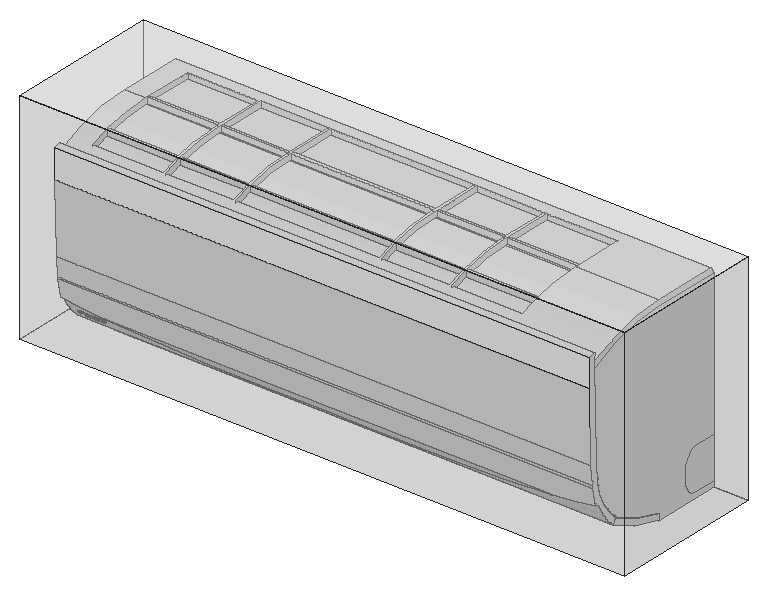
Revit family "outputfile", category 機械設備, Revit 2024
Family settings
  丸型コネクタ寸法 = 半径を使用
  パーツ タイプ = 標準
  OmniClass 番号 = 23.75.10.24.21.27.27
  OmniClass タイトル = Split System Air Conditioning Units
  作業面ベース = いいえ
  常に垂直 = はい
  ロード時にボイドで切り取り = いいえ
  注釈の向きを維持 = いいえ
  共有 = いいえ
  部屋計算ポイント = いいえ
Parameters (values of type "FTKM35QVMA")
  Description = ""
  書き出し IFC クラス(タイプ) = "IfcUnitaryEquipmentType"
  定義済み IFC タイプ(タイプ) = "AIRCONDITIONINGUNIT"
  Cost = 0
  Type Comments = ""
  Keynote = ""
  Type Image = (empty or 0)
  Assembly Code = ""
  w_wall hole = if(Width = 770.0 mm, 48.0 mm, 60.0 mm)  # 48.0 mm
  製造元 = "Daikin"
  モデル = "FTKM35QVMA"
  switch_frequency = yes
  r_Liquid Pipe Size = Liquid Pipe Size / 2  # 3.2 mm
  r_Gas Pipe Size = Gas Pipe Size / 2  # 4.75 mm
  r_Drain Pipe Size = Drain Pipe Size / 2  # 8.0 mm
  lw_powersupply [instance] = if(Width = 770.0 mm, if(or(Rear Right Connection_refrigerant, Bottom Right Connection_refrigerant), 25.0 mm, if(or(Rear Left Connection_refrigerant, Bottom Left Connection_refrigerant), 745.0 mm, 400.0 mm)), if(Width = 990.0 mm, if(or(Rear Right Connection_refrigerant, Bottom Right Connection_refrigerant), 40.0 mm, if(or(Rear Left Connection_refrigerant, Bottom Left Connection_refrigerant), 920.0 mm, 400.0 mm)), if(or(Rear Right Connection_refrigerant, Bottom Right Connection_refrigerant), 40.0 mm, if(or(Rear Left Connection_refrigerant, Bottom Left Connection_refrigerant), 920.0 mm, 400.0 mm))))  # 400.0 mm
  lw_liquidpipe [instance] = if(Width = 770.0 mm, if(or(Rear Right Connection_refrigerant, Bottom Right Connection_refrigerant), 0.0 mm, if(or(Rear Left Connection_refrigerant, Bottom Left Connection_refrigerant), 664.0 mm, 385.0 mm)), if(Width = 900.0 mm, if(or(Rear Right Connection_refrigerant, Bottom Right Connection_refrigerant), 0.0 mm, if(or(Rear Left Connection_refrigerant, Bottom Left Connection_refrigerant), 664.0 mm + (990.0 mm - 770.0 mm), 475.0 mm)), if(or(Rear Right Connection_refrigerant, Bottom Right Connection_refrigerant), 0.0 mm, if(or(Rear Left Connection_refrigerant, Bottom Left Connection_refrigerant), 664.0 mm + (990.0 mm - 770.0 mm), 475.0 mm))))  # 385.0 mm
  lw_gaspipe [instance] = if(Width = 770.0 mm, if(or(Rear Right Connection_refrigerant, Bottom Right Connection_refrigerant), 0.0 mm, if(or(Rear Left Connection_refrigerant, Bottom Left Connection_refrigerant), 675.0 mm, if(Gas Pipe Size = 12.7 mm, 345.0 mm, 335.0 mm))), if(Width = 990.0 mm, if(or(Rear Right Connection_refrigerant, Bottom Right Connection_refrigerant), 10.0 mm, if(or(Rear Left Connection_refrigerant, Bottom Left Connection_refrigerant), 890.0 mm, if(Gas Pipe Size = 15.9 mm, 410.0 mm, 400.0 mm))), if(or(Rear Right Connection_refrigerant, Bottom Right Connection_refrigerant), 10.0 mm, if(or(Rear Left Connection_refrigerant, Bottom Left Connection_refrigerant), 890.0 mm, if(Gas Pipe Size = 15.9 mm, 410.0 mm, 400.0 mm)))))  # 335.0 mm
  lw_drainpipe [instance] = if(Width = 770.0 mm, if(or(Rear Right Connection_refrigerant, Bottom Right Connection_refrigerant), 0.0 mm, if(or(Rear Left Connection_refrigerant, Bottom Left Connection_refrigerant), 770.0 mm - 48.0 mm - 48.0 mm, 440.0 mm)), if(Width = 990.0 mm, if(or(Rear Right Connection_refrigerant, Bottom Right Connection_refrigerant), 0.0 mm, if(or(Rear Left Connection_refrigerant, Bottom Left Connection_refrigerant), 675.0 mm + (990.0 mm - 770.0 mm), 435.0 mm)), if(or(Rear Right Connection_refrigerant, Bottom Right Connection_refrigerant), 0.0 mm, if(or(Rear Left Connection_refrigerant, Bottom Left Connection_refrigerant), 675.0 mm + (990.0 mm - 770.0 mm), 435.0 mm))))  # 440.0 mm
  l_powersupply_length [instance] = if(Width = 770.0 mm, if(Right Connection_refrigerant, 400.0 mm, if(Left Connection_refrigerant, 770.0 mm - 400.0 mm, if(or(Rear Left Connection_refrigerant, Rear Right Connection_refrigerant), 15.0 mm, 50.0 mm))), if(Width = 990.0 mm, if(Right Connection_refrigerant, 400.0 mm, if(Left Connection_refrigerant, 990.0 mm - 400.0 mm, if(or(Rear Left Connection_refrigerant, Rear Right Connection_refrigerant), 15.0 mm, 50.0 mm))), if(Right Connection_refrigerant, 400.0 mm, if(Left Connection_refrigerant, 990.0 mm - 400.0 mm, if(or(Rear Left Connection_refrigerant, Rear Right Connection_refrigerant), 15.0 mm, 50.0 mm)))))  # 400.0 mm
  l_liquidpipe_length [instance] = if(Width = 770.0 mm, if(Right Connection_refrigerant, 433.0 mm, if(Left Connection_refrigerant, 337.0 mm, if(or(Rear Left Connection_refrigerant, Rear Right Connection_refrigerant), 30.0 mm, 40.0 mm))), if(Width = 990.0 mm, if(Right Connection_refrigerant, 535.0 mm, if(Left Connection_refrigerant, 455.0 mm, if(or(Rear Left Connection_refrigerant, Rear Right Connection_refrigerant), 30.0 mm, 40.0 mm))), if(Right Connection_refrigerant, 535.0 mm, if(Left Connection_refrigerant, 455.0 mm, if(or(Rear Left Connection_refrigerant, Rear Right Connection_refrigerant), 30.0 mm, 40.0 mm)))))  # 433.0 mm
  l_gaspipe_length [instance] = if(Width = 770.0 mm, if(Right Connection_refrigerant, if(Gas Pipe Size = 12.7 mm, 393.0 mm, 383.0 mm), if(Left Connection_refrigerant, if(Gas Pipe Size = 12.7 mm, 770.0 mm - 393.0 mm, 770.0 mm - 383.0 mm), if(or(Rear Left Connection_refrigerant, Rear Right Connection_refrigerant), 40.0 mm, 50.0 mm))), if(Width = 990.0 mm, if(Right Connection_refrigerant, if(Gas Pipe Size = 15.9 mm, 470.0 mm, 460.0 mm), if(Left Connection_refrigerant, if(Gas Pipe Size = 15.9 mm, 990.0 mm - 470.0 mm, 990.0 mm - 460.0 mm), if(or(Rear Left Connection_refrigerant, Rear Right Connection_refrigerant), 40.0 mm, 50.0 mm))), if(Right Connection_refrigerant, if(Gas Pipe Size = 15.9 mm, 470.0 mm, 460.0 mm), if(Left Connection_refrigerant, if(Gas Pipe Size = 15.9 mm, 990.0 mm - 470.0 mm, 990.0 mm - 460.0 mm), if(or(Rear Left Connection_refrigerant, Rear Right Connection_refrigerant), 40.0 mm, 50.0 mm)))))  # 383.0 mm
  l_drainpipe_length [instance] = if(Width = 770.0 mm, if(Right Connection_refrigerant, 488.0 mm, if(Left Connection_refrigerant, 282.0 mm, if(or(Rear Left Connection_refrigerant, Rear Right Connection_refrigerant), 15.0 mm, 20.0 mm))), if(Width = 990.0 mm, if(Right Connection_refrigerant, 495.0 mm, if(Left Connection_refrigerant, 495.0 mm, if(or(Rear Left Connection_refrigerant, Rear Right Connection_refrigerant), 15.0 mm, 20.0 mm))), if(Right Connection_refrigerant, 495.0 mm, if(Left Connection_refrigerant, 495.0 mm, if(or(Rear Left Connection_refrigerant, Rear Right Connection_refrigerant), 15.0 mm, 20.0 mm)))))  # 488.0 mm
  h*** = 0.0 mm  # constant formula
  connector_voltage = Voltage_50Hz  # 230 V
  connector_powerinput = [Power Input (Cooling)]  # 0.000 kW
  connector_phase = Phase_50Hz  # 1
  angle_vertical [instance] = if(or(Bottom Left Connection_refrigerant, Bottom Right Connection_refrigerant), 0.00°, 90.00°)  # 90.00°
  angle_horizontal [instance] = if(Right Connection_refrigerant, 90.00°, if(Left Connection_refrigerant, -90.00°, if(or(Rear Left Connection_refrigerant, Rear Right Connection_refrigerant), 180.00°, 0.00°)))  # 90.00°
  Width = 770.0 mm
  Voltage_comment_50Hz = "220 - 240"
  Voltage_50Hz = 230 V
  Version = "ver.1.0"
  Unit Type = "Wall Mounted"
  Unit Mass Weight = 9.00 kg
  Unit Designation [instance] = ""
  Uniclass2015Version = "Products v1.30"
  Uniclass2015Title = "Split coil room air conditioning units"
  Uniclass2015Code = "Pr_70_65_03_86"
  URL = ""
  Total Cooling Capacity [instance] = 0.000 kW
  Sound Pressure Level_M speed (dBA) = 34
  Sound Pressure Level_L speed (dBA) = 26
  Sound Pressure Level_H speed (dBA) = 42
  Sound Power Level_H speed (dB) = 0
  Series = "Single Split_Fan Coil Unit"
  Sensible Cooling Capacity [instance] = 0.000 kW
  Refrigerant Type = "R32"
  Power Input (Cooling) = 0.000 kW
  Phase_50Hz = 1
  Option Accessory 3 [instance] = ""
  Option Accessory 2 [instance] = ""
  Option Accessory 1 [instance] = ""
  Nominal Cooling Capacity = 3.500 kW
  Minimum Circuit Amps_50Hz = 0.0 A
  Minimum Airflow = 324.00 m³/h
  Median Airflow = 456.00 m³/h
  Maximum Fuse Amps_50Hz = 0.0 A
  Maximum Airflow = 630.00 m³/h
  Material_Casing = DAIKIN_PureWhite_Casing_indoorunit
  Load Classification = HVAC
  Liquid Pipe Size = 6.4 mm
  Link_Nested Family [instance] = ""
  IfcVersion = ""
  IfcExportType = "AIRCONDITIONINGUNIT"
  IfcExportAs = "IfcUnitaryEquipmentType"
  Height = 285.0 mm
  Heat Exchanger Type = "Cross Fin Coil"
  Gas Pipe Size = 9.5 mm
  Frequency_50Hz = 50 Hz
  Fan Type = "Cross Flow Fan"
  Fan Drive = "Direct Drive"
  FCU Tag No. [instance] = ""
  Drain Pipe Size = 16.0 mm
  Design Supply Airflow [instance] = 0.00 m³/h
  Depth = 223.0 mm
  既定の高さ = 0.0 mm
  Cooling Entering Wet Bulb Temperature [instance] = 0.00 °C
  Cooling Entering Dry Bulb Temperature [instance] = 0.00 °C
  Cooling Ambient Wet Bulb Temperature [instance] = 0.00 °C
  Cooling Ambient Dry Bulb Temperature [instance] = 0.00 °C
  Clearance visibility [instance] = yes
  Clearance Top = 30.0 mm
  Clearance Right = 50.0 mm
  Clearance Rear = 0.0 mm
  Clearance Left = 50.0 mm
  Clearance Front = 0.0 mm
  Clearance Bottom = 0.0 mm
  Bottom Right Connection_refrigerant [instance] = no
  Bottom Left Connection_refrigerant [instance] = no
  Rear Right Connection_refrigerant [instance] = no
  Rear Left Connection_refrigerant [instance] = no
  Right Connection_refrigerant [instance] = yes
  Left Connection_refrigerant [instance] = no
Reference planes
  plane 1 "Back": y = 0
  plane 2: z = 0
  plane 3 "Center (Left/Right)": x = 0
  plane 4 "Center (Front/Back)": y = -111.5
  plane 5 "Front": y = -223
  plane 6 "Left": x = -385
  plane 7 "Right": x = 385
  plane 8 "Top": z = 0
  plane 9 "Bottom": z = -285
  plane 10: x = -435
  plane 11: x = 435
  plane 12: y = 0
  plane 13: y = -223
  plane 14: z = 30
  plane 15: z = -285
  plane 16 "lw_Piping and Wiring intake": x = 337
  plane 17 "lw_gaspipe": x = 2
  plane 18 "lw_liquidpipe": x = -48
  plane 19 "lw_drainpipe": x = -103
  plane 20 "lh_drainpipe": z = -265
  plane 21 "lh_liquidpipe": z = -245
  plane 22 "lh_gaspipe": z = -235
  plane 23 "ld_drainpipe": y = -15
  plane 24 "ld_liquidpipe": y = -30
  plane 25 "ld_gaspipe": y = -40
  plane 26 "lw_powersupply": x = -15
Dimensions and locks
  equal spacing: plane 6 "Left", plane 3 "Center (Left/Right)", plane 7 "Right"
  "Width": plane 6 "Left" to plane 7 "Right"
  equal spacing: plane 5 "Front", plane 4 "Center (Front/Back)", plane 1 "Back"
  "Depth": plane 5 "Front" to plane 1 "Back"
  "Height": plane 8 "Top" to plane 9 "Bottom"
  "Clearance Rear": plane 12 to plane 1 "Back"
  "Clearance Front": plane 13 to plane 5 "Front"
  "Clearance Top": plane 14 to plane 8 "Top"
  "Clearance Bottom": plane 9 "Bottom" to plane 15
  "w_wall hole": plane 16 "lw_Piping and Wiring intake" to plane 7 "Right"
  "lw_gaspipe": plane 17 "lw_gaspipe" to plane 16 "lw_Piping and Wiring intake"
  "lw_liquidpipe": plane 18 "lw_liquidpipe" to plane 16 "lw_Piping and Wiring intake"
  "lw_drainpipe": plane 19 "lw_drainpipe" to plane 16 "lw_Piping and Wiring intake"
  locked: plane 20 "lh_drainpipe" to plane 9 "Bottom" at 20
  locked: plane 21 "lh_liquidpipe" to plane 9 "Bottom" at 40
  locked: plane 22 "lh_gaspipe" to plane 9 "Bottom" at 50
  locked: plane 23 "ld_drainpipe" to plane 1 "Back" at 15
  locked: plane 1 "Back" to plane 24 "ld_liquidpipe" at 30
  locked: plane 1 "Back" to plane 25 "ld_gaspipe" at 40
  "lw_powersupply": plane 26 "lw_powersupply" to plane 7 "Right"
  "Clearance Right": plane 7 "Right" to plane 11
  "Clearance Left": plane 10 to plane 6 "Left"
  aligned and locked: level to plane 2
  aligned and locked: plane 12 to nested 1
  aligned and locked: nested 1 to plane 13
  aligned and locked: plane 10 to nested 1
  aligned and locked: plane 11 to nested 1
  aligned and locked: plane 15 to nested 1
  aligned and locked: plane 14 to nested 1
  aligned and locked: plane 17 "lw_gaspipe" to nested 2
  aligned and locked: nested 2 to plane 25 "ld_gaspipe"
  aligned and locked: plane 18 "lw_liquidpipe" to nested 3
  aligned and locked: nested 3 to plane 24 "ld_liquidpipe"
  aligned and locked: plane 19 "lw_drainpipe" to nested 4
  aligned and locked: nested 4 to plane 23 "ld_drainpipe"
  aligned and locked: nested 5 to plane 23 "ld_drainpipe"
  aligned and locked: plane 26 "lw_powersupply" to nested 5
  aligned and locked: level to plane 8 "Top"
  aligned and locked: plane 3 "Center (Left/Right)" to nested 6
  aligned and locked: plane 1 "Back" to nested 6
  aligned and locked: plane 8 "Top" to nested 6
Nested families
  nested 1: "daikin_clearancespace" at (0, -111.5, -127.381), show <- "Clearance visibility", visible <- "Clearance visibility", Link_Nested Family <- "Link_Nested Family", type "daikin_clearancespace"
    with width 870.0 mm, show yes, height 315.0 mm, depth 223.0 mm, Link_Nested Family ""
  nested 2: "daikin_connector_rotate3" at (2, -40, -235), angle_vertical <- "angle_vertical", angle_horizontal <- "angle_horizontal", length <- "l_gaspipe_length", radius <- "r_Gas Pipe Size", type "daikin_connector_rotate3"
    with show no, radius 4.75 mm, length 383.0 mm, angle_vertical 90.00°, angle_horizontal 90.00°
  nested 3: "daikin_connector_rotate3" at (-48, -30, -245), angle_vertical <- "angle_vertical", angle_horizontal <- "angle_horizontal", radius <- "r_Liquid Pipe Size", length <- "l_liquidpipe_length", type "daikin_connector_rotate3"
    with show no, radius 3.2 mm, length 433.0 mm, angle_vertical 90.00°, angle_horizontal 90.00°
  nested 4: "daikin_connector_rotate3" at (-103, -15, -265), angle_vertical <- "angle_vertical", angle_horizontal <- "angle_horizontal", length <- "l_drainpipe_length", radius <- "r_Drain Pipe Size", type "daikin_connector_rotate3"
    with show no, radius 8.0 mm, length 488.0 mm, angle_vertical 90.00°, angle_horizontal 90.00°
  nested 5: "daikin_connector_rotate3" at (-15, -15, -235), angle_vertical <- "angle_vertical", angle_horizontal <- "angle_horizontal", length <- "l_powersupply_length", type "daikin_connector_rotate3"
    with show no, radius 10.0 mm, length 400.0 mm, angle_vertical 90.00°, angle_horizontal 90.00°
  nested 6: "DAIKIN_indoorunit_FTKM-QVMA" at (-31, 0, 0), type "FTKM-QVMA"
Connectors
  piping at (385, -40, -235), diameter 9.5, driven by "r_Gas Pipe Size"
    settings: on nested 2, index 1, connector inside diameter 609.6 mm, connector length 0.0 mm, flow factor 0, pipe flow 0.00 m³/h, pressure drop 0.0 Pa, fitting loss kfactor 0, connector angle 0.00°, fixture units 0, engagement length 0.0 mm, angle of deflection 0.00°, flow configuration 1, flow direction 2, fitting loss method 0, system type 29, joint type 0, gender type 0, connector reference index -1, connector utility 0, adjustable connector no, is connector primary yes, connector description "Refrigerant Gas Piping"
  piping at (385, -30, -245), diameter 6.4, driven by "r_Liquid Pipe Size"
    settings: on nested 3, index 2, connector inside diameter 609.6 mm, connector length 0.0 mm, flow factor 0, pipe flow 0.00 m³/h, pressure drop 0.0 Pa, fitting loss kfactor 0, connector angle 0.00°, fixture units 0, engagement length 0.0 mm, angle of deflection 0.00°, flow configuration 1, flow direction 1, fitting loss method 0, system type 29, joint type 0, gender type 0, connector reference index -1, connector utility 0, adjustable connector no, is connector primary no, connector description "Refrigerant Liquid Piping"
  piping at (385, -15, -265), diameter 16, driven by "r_Drain Pipe Size"
    settings: on nested 4, index 3, connector inside diameter 609.6 mm, connector length 0.0 mm, flow factor 0, pipe flow 0.00 m³/h, pressure drop 0.0 Pa, fitting loss kfactor 0, connector angle 0.00°, fixture units 0, engagement length 0.0 mm, angle of deflection 0.00°, flow configuration 1, flow direction 2, fitting loss method 4, system type 16, joint type 0, gender type 0, connector reference index -1, connector utility 0, adjustable connector no, is connector primary no, connector description "Condensate Drain Piping"
  electrical at (385, -15, -235), driven by "Load Classification", driven by "connector_powerinput", driven by "connector_voltage", driven by "connector_phase"
    settings: on nested 5, index 4, voltage 230 V, apparent load 0 VA, apparent load phase1 0 VA, apparent load phase2 0 VA, apparent load phase3 0 VA, power factor 1, load classification "HVAC", number of poles 1, system type 30, power factor state 1, is connector primary yes, connector utility no, sub classification motor no, connector description "Power Supply"
Definition of nested family "daikin_clearancespace"
  Parameters (values of type "daikin_clearancespace")
    Description = "daikin_clearancespace"
    width [instance] = 1823.963 mm
    show [instance] = yes
    material = none
    height [instance] = 1359.762 mm
    depth [instance] = 880.0 mm
    Default Elevation = 0.0 mm
    Link_Nested Family [instance] = ""
  Reference planes
    plane 1 "Center (Front/Back)": y = 0
    plane 2 "Center (Elevation)": z = -0.119
    plane 3 "Center (Left/Right)": x = 0
    plane 4: y = 440
    plane 5: y = -440
    plane 6 "Right": x = 911.982
    plane 7 "Left": x = -911.982
    plane 8 "Top": z = 679.762
    plane 9 "Bottom": z = -680
  Forms (mm)
    Extrusion 1, solid, material <- "material", visible <- "show"
      sketch origin (0, 0, 0) x (1, 0, 0) y (0, 1, 0)
        loop
          line (-911.982, 440) -> (-911.982, -440) -> (911.982, -440) -> (911.982, 440) -> (-911.982, 440)
      from -680 to 679.762
  Lines and regions (mm)
    symbolic lines, visible <- "show"
      curve 1: line (911.982, 440, 0) -> (-911.982, 440, 0)
      curve 2: line (-911.982, 440, 0) -> (-911.982, -440, 0)
      curve 3: line (-911.982, -440, 0) -> (911.982, -440, 0)
      curve 4: line (911.982, -440, 0) -> (911.982, 440, 0)
      curve 5: line (911.982, 0, 679.762) -> (-911.982, 0, 679.762)
      curve 6: line (911.982, 0, -680) -> (911.982, 0, 679.762)
      curve 7: line (-911.982, 0, -680) -> (911.982, 0, -680)
      curve 8: line (-911.982, 0, 679.762) -> (-911.982, 0, -680)
      curve 9: line (0, 440, 679.762) -> (0, -440, 679.762)
      curve 10: line (0, -440, 679.762) -> (0, -440, -680)
      curve 11: line (0, 440, -680) -> (0, 440, 679.762)
      curve 12: line (0, -440, -680) -> (0, 440, -680)
  Dimensions and locks
    "width": plane 7 "Left" to plane 6 "Right"
    "depth": plane 4 to plane 5
    "height": plane 8 "Top" to plane 9 "Bottom"
    equal spacing: plane 7 "Left", plane 3 "Center (Left/Right)", plane 6 "Right"
    equal spacing: plane 4, plane 1 "Center (Front/Back)", plane 5
    equal spacing: plane 8 "Top", plane 2 "Center (Elevation)", plane 9 "Bottom"
    aligned and locked: level to plane 2 "Center (Elevation)"
    aligned and locked: Extrusion 1 sketch curve to plane 4
    aligned and locked: plane 7 "Left" to Extrusion 1 sketch curve
    aligned and locked: Extrusion 1 sketch curve to plane 5
    aligned and locked: Extrusion 1 sketch curve to plane 6 "Right"
    aligned and locked: plane 8 "Top" to Extrusion 1
    aligned and locked: curve 1 to Extrusion 1
    aligned and locked: curve 2 to Extrusion 1
    aligned and locked: curve 3 to Extrusion 1
    aligned and locked: curve 4 to Extrusion 1
    aligned and locked: curve 5 to Extrusion 1
    aligned and locked: curve 6 to Extrusion 1
    aligned and locked: curve 7 to Extrusion 1
    aligned and locked: curve 8 to Extrusion 1
    aligned and locked: curve 9 to Extrusion 1
    aligned and locked: curve 10 to Extrusion 1
    aligned and locked: curve 11 to Extrusion 1
    aligned and locked: curve 12 to Extrusion 1
    aligned and locked: Extrusion 1 to plane 9 "Bottom"
Definition of nested family "DAIKIN_indoorunit_FTKM-QVMA"
  Parameters (values of type "FTKM-QVMA")
    switch_unit1_50-71 = Width = 990.0 mm  # no
    switch_unit1_20-46 = Width = 770.0 mm  # yes
    Width = 770.0 mm
    WALL HOLE-R = if(Width = 770.0 mm, 48.0 mm, 60.0 mm)  # 48.0 mm
    WALL HOLE Size = if(Width = 770.0 mm, 65.0 mm, 80.0 mm)  # 65.0 mm
    Material_Casing = none
    Height = if(Width = 770.0 mm, 285.0 mm, 295.0 mm)  # 285.0 mm
    Default Elevation = 0.0 mm
  Reference planes
    plane 1 "Center (Front/Back)": y = 0
    plane 2 "reference_level": z = 0
    plane 3 "Center (Left/Right)": x = 31
    plane 4: x = -354
    plane 5: x = 416
    plane 6: z = -285
  Forms (mm)
    Extrusion 1, solid, material <- "Material_Casing", visible <- "switch_unit1_20-46"
      sketch origin (29, 0, 0) x (0, 1, 0) y (0, 0, 1)
        loop
          line (-5, 0) -> (-98, 0)
          arc (-98, 0) -> (-157.611, -7.211) -> (-213.783, -28.427) r 250
          arc (-213.783, -28.427) -> (-213.842, -32.972) -> (-213.892, -37.516) r 2191
          arc (-213.892, -37.516) -> (-157.832, -15.495) -> (-98.07, -8) r 242
          line (-98.07, -8) -> (0, -8) -> (-5, 0)
      from -383 to 387
    Extrusion 2, solid, material <- "Material_Casing", visible <- "switch_unit1_20-46"
      sketch origin (416, 1296.25, 1200) x (0, 1, 0) y (0, 0, 1)
        loop
          line (-1472.998, -1446.91) -> (-1476.998, -1453.839)
          arc (-1476.998, -1453.839) -> (-1437.481, -1472.422) -> (-1395.25, -1483.538) r 240
          line (-1395.25, -1483.538) -> (-1395.25, -1475.422)
          arc (-1395.25, -1475.422) -> (-1435.407, -1464.663) -> (-1472.998, -1446.91) r 232
      from 0 to -47.5
    Extrusion 3, solid, material <- "Material_Casing", visible <- "switch_unit1_20-46"
      sketch origin (29, 0, 0) x (0, 1, 0) y (0, 0, 1)
        loop
          arc (-223, -60.455) -> (-222.414, -110.646) -> (-220.656, -160.81) r 2149.92
          arc (-220.656, -160.81) -> (-219.65, -174.299) -> (-217.853, -187.706) r 229.911
          arc (-217.853, -187.706) -> (-205.371, -223.594) -> (-181.517, -253.17) r 111
          line (-181.517, -253.17) -> (-177.429, -246.093)
          arc (-177.429, -246.093) -> (-198.77, -218.989) -> (-209.965, -186.36) r 103
          arc (-209.965, -186.36) -> (-211.681, -173.586) -> (-212.651, -160.735) r 221.844
          arc (-212.651, -160.735) -> (-214.739, -93.233) -> (-214.74, -25.699) r 2186.828
          arc (-214.74, -25.699) -> (-214.671, -21.467) -> (-214.594, -17.235) r 2192
          line (-214.594, -17.235) -> (-223, -19.961) -> (-223, -60.455)
      from -383 to 387
    Extrusion 4, solid, material <- "Material_Casing", visible <- "switch_unit1_20-46"
      sketch origin (29, 0, 0) x (0, 1, 0) y (0, 0, 1)
        loop
          line (-181.517, -253.17) -> (-179.597, -249.846)
          arc (-179.597, -249.846) -> (-202.009, -221.399) -> (-213.189, -186.952) r 103
          line (-213.189, -186.952) -> (-217.853, -187.706)
          arc (-217.853, -187.706) -> (-217.533, -189.556) -> (-217.182, -191.4) r 111
          arc (-217.182, -191.4) -> (-213.806, -208.181) -> (-210.362, -224.948) r 4257.809
          arc (-210.362, -224.948) -> (-198.886, -237.857) -> (-186.225, -249.607) r 180
          line (-186.225, -249.607) -> (-181.517, -253.17)
      from -383 to 387
    Extrusion 5, solid, material <- "Material_Casing", visible <- "switch_unit1_20-46"
      sketch origin (29, 0, -20) x (0, 1, 0) y (0, 0, 1)
        loop
          line (0, -265) -> (0, 12) -> (-98.07, 12)
          arc (-98.07, 12) -> (-157.832, 4.505) -> (-213.892, -17.516) r 242
          arc (-213.892, -17.516) -> (-213.638, -79.114) -> (-211.653, -140.681) r 2191
          arc (-211.653, -140.681) -> (-210.685, -153.501) -> (-208.973, -166.243) r 221
          arc (-208.973, -166.243) -> (-197.471, -199.282) -> (-175.482, -226.491) r 102
          arc (-175.482, -226.491) -> (-138.004, -244.019) -> (-98, -254.579) r 231
          line (-98, -254.579) -> (-98, -265) -> (0, -265)
      from -383 to 387
    Extrusion 6, solid, material <- "Material_Casing", visible <- "switch_unit1_20-46"
      sketch origin (-354, 1296.25, 1200) x (0, 1, 0) y (0, 0, 1)
        loop
          line (-1472.998, -1446.91) -> (-1476.998, -1453.839)
          arc (-1476.998, -1453.839) -> (-1437.481, -1472.422) -> (-1395.25, -1483.538) r 240
          line (-1395.25, -1483.538) -> (-1395.25, -1475.422)
          arc (-1395.25, -1475.422) -> (-1435.407, -1464.663) -> (-1472.998, -1446.91) r 232
      from 47 to 0
    Extrusion 7, solid, material <- "Material_Casing", visible <- "switch_unit1_20-46"
      sketch origin (416, 1296.25, 1200) x (0, 1, 0) y (0, 0, 1)
        loop
          line (-1472.998, -1446.91) -> (-1476.998, -1453.839)
          arc (-1476.998, -1453.839) -> (-1443.437, -1470.168) -> (-1407.75, -1481.097) r 240
          line (-1407.75, -1481.097) -> (-1407.75, -1472.894)
          arc (-1407.75, -1472.894) -> (-1441.363, -1462.385) -> (-1472.998, -1446.91) r 232
      from -116.993 to -48.493
    Extrusion 8, solid, material <- "Material_Casing", visible <- "switch_unit1_20-46"
      sketch origin (416, 1296.25, 1200) x (0, 1, 0) y (0, 0, 1)
        loop
          line (-1472.998, -1446.91) -> (-1476.998, -1453.839)
          arc (-1476.998, -1453.839) -> (-1443.437, -1470.168) -> (-1407.75, -1481.097) r 240
          line (-1407.75, -1481.097) -> (-1407.75, -1472.894)
          arc (-1407.75, -1472.894) -> (-1441.363, -1462.385) -> (-1472.998, -1446.91) r 232
      from -717 to -121.993
    Extrusion 9, void
      sketch origin (31, 0, -235) x (1, 0, 0) y (0, 1, 0)
        loop
          line (-252.674, -22.316) -> (-354.941, -22.316) -> (-354.941, -91.341) -> (-252.674, -91.341) -> (-252.674, -22.316)
        loop
          line (-249.341, -91.341) -> (-151.574, -91.341) -> (-151.574, -22.316) -> (-249.341, -22.316) -> (-249.341, -91.341)
        loop
          line (58.309, -22.316) -> (-148.309, -22.316) -> (-148.309, -91.341) -> (58.309, -91.341) -> (58.309, -22.316)
        loop
          line (61.689, -22.316) -> (61.689, -91.341) -> (159.457, -91.341) -> (159.457, -22.316) -> (61.689, -22.316)
        loop
          line (162.789, -22.316) -> (162.789, -91.341) -> (265.057, -91.341) -> (265.057, -22.316) -> (162.789, -22.316)
        loop
          line (-354.941, -94.659) -> (-354.941, -165.259) -> (-252.674, -165.259) -> (-252.674, -94.659) -> (-354.941, -94.659)
        loop
          line (-249.341, -94.659) -> (-249.341, -165.259) -> (-151.574, -165.259) -> (-151.574, -94.659) -> (-249.341, -94.659)
        loop
          line (-148.309, -94.659) -> (-148.309, -165.259) -> (58.309, -165.259) -> (58.309, -94.659) -> (-148.309, -94.659)
        loop
          line (61.689, -94.659) -> (61.689, -165.259) -> (159.457, -165.259) -> (159.457, -94.659) -> (61.689, -94.659)
        loop
          line (162.789, -94.659) -> (162.789, -165.259) -> (265.057, -165.259) -> (265.057, -94.659) -> (162.789, -94.659)
        loop
          line (-354.941, -167.382) -> (-354.941, -192.681) -> (-252.674, -192.681) -> (-252.674, -167.382) -> (-354.941, -167.382)
        loop
          line (-249.341, -167.382) -> (-249.341, -192.681) -> (-151.574, -192.681) -> (-151.574, -167.382) -> (-249.341, -167.382)
        loop
          line (-148.309, -167.382) -> (-148.309, -192.681) -> (58.309, -192.681) -> (58.309, -167.382) -> (-148.309, -167.382)
        loop
          line (159.457, -167.382) -> (61.689, -167.382) -> (61.689, -192.681) -> (159.457, -192.681) -> (159.457, -167.382)
        loop
          line (265.057, -167.382) -> (162.789, -167.382) -> (162.789, -192.681) -> (265.057, -192.681) -> (265.057, -167.382)
      from 201.638 to 250
    Extrusion 10, void
      sketch origin (31, 0, 0) x (1, 0, 0) y (0, 0, 1)
        loop
          arc (597, -174.907) -> (0.056, -245.263) -> (-597, -175.856) r 2585.042
          line (-597, -175.856) -> (-597, -352.872) -> (597, -352.872) -> (597, -174.907)
      from 173 to 315.3
    Extrusion 11, solid, material <- "Material_Casing"
      sketch origin (31, 0, 0) x (1, 0, 0) y (0, 0, 1)
        loop
          circle (337, -240.5) r 32.5
        loop
          circle (-337, -240.5) r 32.5
      from 0 to 5
    Extrusion 12, solid, material <- "Material_Casing", visible <- "switch_unit1_20-46"
      sketch origin (416, 1296.25, 1200) x (0, -1, 0) y (0, 0, 1)
        loop
          line (1326.25, -1417) -> (1296.25, -1417) -> (1296.25, -1477) -> (1326.25, -1477)
          arc (1326.25, -1477) -> (1340.393, -1471.142) -> (1346.25, -1457) r 20
          line (1346.25, -1457) -> (1346.25, -1437)
          arc (1346.25, -1437) -> (1340.393, -1422.858) -> (1326.25, -1417) r 20
      from 0 to 5
    Extrusion 13, solid, material <- "Material_Casing", visible <- "switch_unit1_20-46"
      sketch origin (-354, 1296.25, 1200) x (0, 1, 0) y (0, 0, 1)
        loop
          line (-1296.25, -1417) -> (-1326.25, -1417)
          arc (-1326.25, -1417) -> (-1340.393, -1422.858) -> (-1346.25, -1437) r 20
          line (-1346.25, -1437) -> (-1346.25, -1457)
          arc (-1346.25, -1457) -> (-1340.393, -1471.142) -> (-1326.25, -1477) r 20
          line (-1326.25, -1477) -> (-1296.25, -1477) -> (-1296.25, -1417)
      from 0 to 5
    Extrusion 14, solid, material <- "Material_Casing", visible <- "switch_unit1_20-46"
      sketch origin (31, 0, -285) x (-1, 0, 0) y (0, -1, 0)
        loop
          line (-314, 0) -> (-314, 30)
          arc (-314, 30) -> (-319.858, 44.142) -> (-334, 50) r 20
          line (-334, 50) -> (-354, 50)
          arc (-354, 50) -> (-368.142, 44.142) -> (-374, 30) r 20
          line (-374, 30) -> (-374, 0) -> (-314, 0)
        loop
          line (374, 0) -> (374, 30)
          arc (374, 30) -> (368.142, 44.142) -> (354, 50) r 20
          line (354, 50) -> (334, 50)
          arc (334, 50) -> (319.858, 44.142) -> (314, 30) r 20
          line (314, 30) -> (314, 0) -> (374, 0)
      from 0 to 5
    Extrusion 15, solid, material <- "Material_Casing", visible <- "switch_unit1_50-71"
      sketch origin (31, 0, 0) x (0, 1, 0) y (0, 0, 1)
        loop
          line (-5, 0) -> (-138, 0)
          arc (-138, 0) -> (-197.611, -7.211) -> (-253.783, -28.427) r 250
          arc (-253.783, -28.427) -> (-253.838, -32.687) -> (-253.886, -36.946) r 2191
          arc (-253.886, -36.946) -> (-197.73, -15.346) -> (-138.014, -8) r 246.393
          line (-138.014, -8) -> (0, -8) -> (-5, 0)
      from -495 to 495
    Extrusion 16, solid, material <- "Material_Casing", visible <- "switch_unit1_50-71"
      sketch origin (418, 1296.25, 1200) x (0, 1, 0) y (0, 0, 1)
        loop
          arc (-1515.208, -1454.149) -> (-1506.856, -1460.599) -> (-1497.925, -1466.219) r 110
          arc (-1497.925, -1466.219) -> (-1445.718, -1487.493) -> (-1389.844, -1494.995) r 223
          line (-1389.844, -1494.995) -> (-1389.844, -1486.086) -> (-1404.386, -1486.086)
          arc (-1404.386, -1486.086) -> (-1449.542, -1477.46) -> (-1491.818, -1459.402) r 214.289
          arc (-1491.818, -1459.402) -> (-1501.056, -1453.541) -> (-1509.606, -1446.715) r 101
          line (-1509.606, -1446.715) -> (-1515.208, -1454.149)
      from 108 to 57.5
    Extrusion 17, solid, material <- "Material_Casing", visible <- "switch_unit1_50-71"
      sketch origin (31, 0, 0) x (0, 1, 0) y (0, 0, 1)
        loop
          line (-263, -19.962) -> (-263, -61.6)
          arc (-263, -61.6) -> (-262.414, -110.219) -> (-260.656, -158.81) r 2017.341
          arc (-260.656, -158.81) -> (-255.648, -191.935) -> (-244.041, -223.362) r 164.725
          arc (-244.041, -223.362) -> (-233.569, -239.793) -> (-219.717, -253.495) r 87.379
          line (-219.717, -253.495) -> (-214.706, -246.846)
          arc (-214.706, -246.846) -> (-229.564, -230.029) -> (-240.385, -210.371) r 102
          arc (-240.385, -210.371) -> (-249.049, -182.962) -> (-252.848, -154.467) r 165.789
          arc (-252.848, -154.467) -> (-254.771, -90.102) -> (-254.74, -25.708) r 2122.533
          arc (-254.74, -25.708) -> (-254.671, -21.469) -> (-254.594, -17.23) r 2192
          line (-254.594, -17.23) -> (-263, -19.962)
      from -495 to 495
    Extrusion 18, void
      sketch origin (33, 0, 0) x (1, 0, 0) y (0, 1, 0)
        loop
          line (-466.909, -22.316) -> (-466.909, -111.341) -> (-366.303, -111.341) -> (-366.303, -22.316) -> (-466.909, -22.316)
        loop
          line (-362.71, -22.316) -> (-362.71, -111.341) -> (-262.103, -111.341) -> (-262.103, -22.316) -> (-362.71, -22.316)
        loop
          line (-258.51, -22.316) -> (-258.51, -111.341) -> (-157.904, -111.341) -> (-157.904, -22.316) -> (-258.51, -22.316)
        loop
          line (-154.31, -22.316) -> (-154.31, -111.341) -> (-53.704, -111.341) -> (-53.704, -22.316) -> (-154.31, -22.316)
        loop
          line (-50.11, -22.316) -> (-50.11, -111.341) -> (50.496, -111.341) -> (50.496, -22.316) -> (-50.11, -22.316)
        loop
          line (54.089, -22.316) -> (54.089, -111.341) -> (154.696, -111.341) -> (154.696, -22.316) -> (54.089, -22.316)
        loop
          line (158.289, -22.316) -> (158.289, -111.341) -> (258.895, -111.341) -> (258.895, -22.316) -> (158.289, -22.316)
        loop
          line (262.489, -22.316) -> (262.489, -111.341) -> (363.095, -111.341) -> (363.095, -22.316) -> (262.489, -22.316)
        loop
          line (-466.909, -114.459) -> (-466.909, -185.059) -> (-366.303, -185.059) -> (-366.303, -114.459) -> (-466.909, -114.459)
        loop
          line (-362.71, -114.459) -> (-362.71, -185.059) -> (-262.103, -185.059) -> (-262.103, -114.459) -> (-362.71, -114.459)
        loop
          line (-258.51, -114.459) -> (-258.51, -185.059) -> (-157.904, -185.059) -> (-157.904, -114.459) -> (-258.51, -114.459)
        loop
          line (-154.31, -114.459) -> (-154.31, -185.059) -> (-53.704, -185.059) -> (-53.704, -114.459) -> (-154.31, -114.459)
        loop
          line (-50.11, -114.459) -> (-50.11, -185.059) -> (50.496, -185.059) -> (50.496, -114.459) -> (-50.11, -114.459)
        loop
          line (54.089, -114.459) -> (54.089, -185.059) -> (154.696, -185.059) -> (154.696, -114.459) -> (54.089, -114.459)
        loop
          line (158.289, -114.459) -> (158.289, -185.059) -> (258.895, -185.059) -> (258.895, -114.459) -> (158.289, -114.459)
        loop
          line (262.489, -114.459) -> (262.489, -185.059) -> (363.095, -185.059) -> (363.095, -114.459) -> (262.489, -114.459)
        loop
          line (-466.909, -187.382) -> (-466.909, -232.681) -> (-366.303, -232.681) -> (-366.303, -187.382) -> (-466.909, -187.382)
        loop
          line (-362.71, -187.382) -> (-362.71, -232.681) -> (-262.103, -232.681) -> (-262.103, -187.382) -> (-362.71, -187.382)
        loop
          line (-258.51, -187.382) -> (-258.51, -232.681) -> (-157.904, -232.681) -> (-157.904, -187.382) -> (-258.51, -187.382)
        loop
          line (-154.31, -187.382) -> (-154.31, -232.681) -> (-53.704, -232.681) -> (-53.704, -187.382) -> (-154.31, -187.382)
        loop
          line (-50.11, -187.382) -> (-50.11, -232.681) -> (50.496, -232.681) -> (50.496, -187.382) -> (-50.11, -187.382)
        loop
          line (54.089, -187.382) -> (54.089, -232.681) -> (154.696, -232.681) -> (154.696, -187.382) -> (54.089, -187.382)
        loop
          line (158.289, -187.382) -> (158.289, -232.681) -> (258.895, -232.681) -> (258.895, -187.382) -> (158.289, -187.382)
        loop
          line (262.489, -187.382) -> (262.489, -232.681) -> (363.095, -232.681) -> (363.095, -187.382) -> (262.489, -187.382)
      from -40.013 to 47.268
    Extrusion 19, void
      sketch origin (33, 0, 2300) x (1, 0, 0) y (0, 0, 1)
        loop
          line (705, -2672.872) -> (705, -2462.4)
          arc (705, -2462.4) -> (-2.043, -2534.819) -> (-709, -2461.567) r 3467.757
          line (-709, -2461.567) -> (-709, -2672.872) -> (705, -2672.872)
      from 173 to 315.3
    Extrusion 20, solid, material <- "Material_Casing", visible <- "switch_unit1_50-71"
      sketch origin (-356, 1296.25, 1200) x (0, 1, 0) y (0, 0, -1)
        loop
          line (-1515.208, 1454.149) -> (-1509.606, 1446.715)
          arc (-1509.606, 1446.715) -> (-1501.056, 1453.541) -> (-1491.818, 1459.402) r 101
          arc (-1491.818, 1459.402) -> (-1449.542, 1477.46) -> (-1404.386, 1486.086) r 214.289
          line (-1404.386, 1486.086) -> (-1389.844, 1486.086) -> (-1389.844, 1494.995)
          arc (-1389.844, 1494.995) -> (-1445.718, 1487.493) -> (-1497.925, 1466.219) r 223
          arc (-1497.925, 1466.219) -> (-1506.856, 1460.599) -> (-1515.208, 1454.149) r 110
      from 108 to 61
    Extrusion 21, solid, material <- "Material_Casing", visible <- "switch_unit1_50-71"
      sketch origin (418, 1296.25, 1200) x (0, 1, 0) y (0, 0, 1)
        loop
          arc (-1515.208, -1454.149) -> (-1506.856, -1460.599) -> (-1497.925, -1466.219) r 110
          arc (-1497.925, -1466.219) -> (-1463.185, -1482.066) -> (-1426.25, -1491.755) r 223
          line (-1426.25, -1491.755) -> (-1426.25, -1483.166)
          arc (-1426.25, -1483.166) -> (-1460.008, -1473.969) -> (-1491.818, -1459.402) r 214.289
          arc (-1491.818, -1459.402) -> (-1501.056, -1453.541) -> (-1509.606, -1446.715) r 101
          line (-1509.606, -1446.715) -> (-1515.208, -1454.149)
      from 56.5 to -36.993
    Extrusion 22, solid, material <- "Material_Casing", visible <- "switch_unit1_50-71"
      sketch origin (418, 1296.25, 1200) x (0, 1, 0) y (0, 0, 1)
        loop
          arc (-1426.25, -1483.166) -> (-1443.442, -1479.224) -> (-1460.25, -1473.881) r 214.289
          line (-1460.25, -1473.881) -> (-1460.25, -1483.089)
          arc (-1460.25, -1483.089) -> (-1443.421, -1488.091) -> (-1426.25, -1491.755) r 223
          line (-1426.25, -1491.755) -> (-1426.25, -1483.166)
      from -43.493 to -828.893
    Extrusion 23, solid, material <- "Material_Casing", visible <- "switch_unit1_50-71"
      sketch origin (418, 1296.25, 1200) x (0, 1, 0) y (0, 0, 1)
        loop
          arc (-1515.208, -1454.149) -> (-1506.856, -1460.599) -> (-1497.925, -1466.219) r 110
          arc (-1497.925, -1466.219) -> (-1479.479, -1475.527) -> (-1460.25, -1483.089) r 223
          line (-1460.25, -1483.089) -> (-1460.25, -1473.881)
          arc (-1460.25, -1473.881) -> (-1476.328, -1467.282) -> (-1491.818, -1459.402) r 214.289
          arc (-1491.818, -1459.402) -> (-1501.056, -1453.541) -> (-1509.606, -1446.715) r 101
          line (-1509.606, -1446.715) -> (-1515.208, -1454.149)
      from -43.493 to -828.893
    Extrusion 24, solid, material <- "Material_Casing", visible <- "switch_unit1_50-71"
      sketch origin (31, 0, 0) x (0, 1, 0) y (0, 0, 1)
        loop
          arc (-217.78, -250.924) -> (-234.088, -233.307) -> (-245.826, -212.366) r 102
          arc (-245.826, -212.366) -> (-251.608, -196.062) -> (-255.659, -179.245) r 165.789
          line (-255.659, -179.245) -> (-258.299, -179.737)
          arc (-258.299, -179.737) -> (-257.524, -183.799) -> (-256.646, -187.84) r 164.725
          arc (-256.646, -187.84) -> (-252.868, -206.25) -> (-249.973, -224.82) r 393.089
          arc (-249.973, -224.82) -> (-239.237, -236.969) -> (-227.451, -248.102) r 180
          arc (-227.451, -248.102) -> (-223.723, -250.998) -> (-219.717, -253.495) r 45.878
          line (-219.717, -253.495) -> (-217.78, -250.924)
      from -495 to 495
    Extrusion 25, solid, material <- "Material_Casing", visible <- "switch_unit1_50-71"
      sketch origin (31, 0, -30) x (0, 1, 0) y (0, 0, 1)
        loop
          line (0, 22) -> (-138.014, 22)
          arc (-138.014, 22) -> (-197.73, 14.654) -> (-253.886, -6.946) r 246.393
          arc (-253.886, -6.946) -> (-253.682, -65.635) -> (-251.855, -124.295) r 2120.935
          arc (-251.855, -124.295) -> (-248.086, -152.682) -> (-239.461, -179.988) r 164.789
          arc (-239.461, -179.988) -> (-228.903, -199.231) -> (-214.437, -215.738) r 101
          line (-214.437, -215.738) -> (-212.406, -216.221)
          arc (-212.406, -216.221) -> (-204.07, -222.837) -> (-195.079, -228.53) r 100
          arc (-195.079, -228.53) -> (-145.557, -248.629) -> (-92.593, -255.785) r 213.289
          line (-92.593, -255.785) -> (-92.593, -265) -> (0, -265) -> (0, 22)
      from -495 to 495
    Extrusion 26, solid, material <- "Material_Casing", visible <- "switch_unit1_50-71"
      sketch origin (526, 1296.25, 1200) x (0, -1, 0) y (0, 0, 1)
        loop
          line (1326.25, -1427.035) -> (1296.25, -1427.035) -> (1296.25, -1487.035) -> (1326.25, -1487.035)
          arc (1326.25, -1487.035) -> (1340.393, -1481.177) -> (1346.25, -1467.035) r 20
          line (1346.25, -1467.035) -> (1346.25, -1447.035)
          arc (1346.25, -1447.035) -> (1340.393, -1432.892) -> (1326.25, -1427.035) r 20
      from 0 to 5
    Extrusion 27, solid, material <- "Material_Casing", visible <- "switch_unit1_50-71"
      sketch origin (-459, 1296.25, 1200) x (0, -1, 0) y (0, 0, 1)
        loop
          line (1326.25, -1427.035) -> (1296.25, -1427.035) -> (1296.25, -1487.035) -> (1326.25, -1487.035)
          arc (1326.25, -1487.035) -> (1340.393, -1481.177) -> (1346.25, -1467.035) r 20
          line (1346.25, -1467.035) -> (1346.25, -1447.035)
          arc (1346.25, -1447.035) -> (1340.393, -1432.892) -> (1326.25, -1427.035) r 20
      from 0 to 5
    Extrusion 28, solid, material <- "Material_Casing", visible <- "switch_unit1_50-71"
      sketch origin (31, 200, -295) x (-1, 0, 0) y (0, -1, 0)
        loop
          line (469, 200) -> (469, 230)
          arc (469, 230) -> (463.142, 244.142) -> (449, 250) r 20
          line (449, 250) -> (429, 250)
          arc (429, 250) -> (414.858, 244.142) -> (409, 230) r 20
          line (409, 230) -> (409, 200) -> (469, 200)
        loop
          line (-469, 200) -> (-409, 200) -> (-409, 230)
          arc (-409, 230) -> (-414.858, 244.142) -> (-429, 250) r 20
          line (-429, 250) -> (-449, 250)
          arc (-449, 250) -> (-463.142, 244.142) -> (-469, 230) r 20
          line (-469, 230) -> (-469, 200)
      from 0 to 5
  Cuts and joins
    Extrusion 9 cuts Extrusion 1
    Extrusion 10 cuts Extrusion 4
    joined: Extrusion 3, Extrusion 4
    Extrusion 18 cuts Extrusion 15
    Extrusion 19 cuts Extrusion 24
    joined: Extrusion 17, Extrusion 24
  Lines and regions (mm)
    reference lines
      curve 1: line (-523, -201.911, -229.404) -> (-523, -193.542, -239.977)
      curve 2: line (-523, -240.779, -229.404) -> (-523, -232.411, -239.977)
  Dimensions and locks
    locked: Extrusion 10 sketch curve to Extrusion 10 sketch curve at 1194
    Extrusion 10 sketch curve to Extrusion 10 sketch curve = 1194.0 mm
    locked: Extrusion 12 sketch curve to Extrusion 12 sketch curve at 60
    locked: Extrusion 12 sketch curve to Extrusion 12 sketch curve at 50
    locked: Extrusion 14 sketch curve to Extrusion 14 sketch curve at 60  (x2)
    locked: Extrusion 14 sketch curve to Extrusion 14 sketch curve at 50
    equal spacing: plane 5, plane 3 "Center (Left/Right)", plane 4
    "Width": plane 5 to plane 4
    locked: Extrusion 11 sketch curve to plane 4 at 48
    "WALL HOLE-R": plane 5 to Extrusion 11 sketch curve
    "Height": plane 2 "reference_level" to plane 6
    locked: Extrusion 11 sketch curve to plane 6 at 44.5  (x2)
    locked: cut or joined group of Extrusion 3, Extrusion 4, Extrusion 10 to nested 1 at 15
    locked: Extrusion 17 to nested 2 at 15
    locked: Extrusion 26 sketch curve to Extrusion 26 sketch curve at 60
    locked: Extrusion 26 sketch curve to Extrusion 26 sketch curve at 50
    locked: Extrusion 27 sketch curve to Extrusion 27 sketch curve at 60
    locked: Extrusion 27 sketch curve to Extrusion 27 sketch curve at 50
    locked: Extrusion 28 sketch curve to Extrusion 28 sketch curve at 60  (x2)
    locked: Extrusion 28 sketch curve to Extrusion 28 sketch curve at 50  (x2)
    "WALL HOLE Size": diameter of Extrusion 11 sketch curve  (x2)
    aligned and locked: level to plane 2 "reference_level"
    aligned and locked: nested 1 to curve 1
    aligned and locked: Extrusion 13 sketch curve to Extrusion 12  (x4)
    aligned and locked: Extrusion 14 sketch curve to Extrusion 14 sketch curve  (x2)
    aligned and locked: Extrusion 11 to plane 1 "Center (Front/Back)"
    aligned and locked: nested 2 to curve 2
  Automatic sketch dimensions
    Extrusion 10 sketch curve to plane 3 "Center (Left/Right)" = 597.0 mm
    Extrusion 10 sketch curve to plane 3 "Center (Left/Right)" = 2.0 mm
    Extrusion 10 sketch curve to level = 352.872 mm
    Extrusion 10 sketch curve to level = 175.856 mm
    Extrusion 10 sketch curve to level = 174.907 mm
    curve 1 to level = 239.977 mm
    plane 1 "Center (Front/Back)" to curve 1 = 193.542 mm
    curve 2 to curve 1 = 0.0 mm
    curve 2 to curve 2 = 10.573 mm
    curve 1 to curve 1 = 10.573 mm
    curve 1 to curve 1 = 8.368 mm
    curve 1 to curve 2 = 30.5 mm
    curve 2 to curve 2 = 8.368 mm
    Extrusion 19 sketch curve to plane 3 "Center (Left/Right)" = 707.0 mm
    plane 3 "Center (Left/Right)" to Extrusion 19 sketch curve = 2.0 mm
    plane 3 "Center (Left/Right)" to Extrusion 19 sketch curve = 707.0 mm
    Extrusion 19 sketch curve to level = 372.872 mm
    Extrusion 19 sketch curve to level = 162.4 mm
    Extrusion 19 sketch curve to level = 161.567 mm
    Extrusion 1 sketch curve to level = 0.0 mm
    Extrusion 1 sketch curve to plane 1 "Center (Front/Back)" = 0.0 mm
    plane 1 "Center (Front/Back)" to Extrusion 1 sketch curve = 5.0 mm
    plane 1 "Center (Front/Back)" to Extrusion 1 sketch curve = 98.0 mm
    Extrusion 1 sketch curve to Extrusion 1 sketch curve = 0.07 mm
    Extrusion 1 sketch curve to level = 59.292 mm
    Extrusion 1 sketch curve to plane 1 "Center (Front/Back)" = 1977.0 mm
    Extrusion 1 sketch curve to level = 250.0 mm
    Extrusion 1 sketch curve to Extrusion 1 sketch curve = 0.0 mm
    Extrusion 1 sketch curve to level = 8.0 mm
    Extrusion 1 sketch curve to level = 28.427 mm
    plane 1 "Center (Front/Back)" to Extrusion 2 sketch curve = 180.748 mm
    Extrusion 2 sketch curve to Extrusion 2 sketch curve = 4.0 mm
    Extrusion 2 sketch curve to Extrusion 2 sketch curve = 77.747 mm
    plane 1 "Center (Front/Back)" to Extrusion 2 sketch curve = 59.279 mm
    Extrusion 2 sketch curve to Extrusion 2 sketch curve = 0.0 mm
    Extrusion 2 sketch curve to level = 283.538 mm
    Extrusion 2 sketch curve to Extrusion 2 sketch curve = 8.116 mm
    Extrusion 2 sketch curve to Extrusion 2 sketch curve = 21.583 mm
    Extrusion 2 sketch curve to Extrusion 2 sketch curve = 6.929 mm
    Extrusion 3 sketch curve to level = 19.961 mm
    plane 1 "Center (Front/Back)" to Extrusion 3 sketch curve = 223.0 mm
    Extrusion 3 sketch curve to level = 17.235 mm
    Extrusion 3 sketch curve to Extrusion 3 sketch curve = 8.406 mm
    plane 1 "Center (Front/Back)" to Extrusion 3 sketch curve = 181.517 mm
    Extrusion 3 sketch curve to Extrusion 3 sketch curve = 4.087 mm
    Extrusion 3 sketch curve to Extrusion 3 sketch curve = 69.11 mm
    Extrusion 3 sketch curve to Extrusion 3 sketch curve = 0.001 mm
    Extrusion 3 sketch curve to plane 1 "Center (Front/Back)" = 8.955 mm
    Extrusion 3 sketch curve to Extrusion 3 sketch curve = 0.067 mm
    Extrusion 3 sketch curve to level = 60.455 mm
    Extrusion 3 sketch curve to Extrusion 3 sketch curve = 1917.898 mm
    Extrusion 3 sketch curve to Extrusion 3 sketch curve = 44.907 mm
    Extrusion 3 sketch curve to Extrusion 3 sketch curve = 5.172 mm
    Extrusion 3 sketch curve to level = 150.456 mm
    Extrusion 3 sketch curve to Extrusion 3 sketch curve = 0.006 mm
    Extrusion 3 sketch curve to Extrusion 3 sketch curve = 19.265 mm
    Extrusion 3 sketch curve to Extrusion 3 sketch curve = 0.004 mm
    Extrusion 3 sketch curve to Extrusion 3 sketch curve = 76.368 mm
    Extrusion 3 sketch curve to Extrusion 3 sketch curve = 7.077 mm
    Extrusion 3 sketch curve to Extrusion 3 sketch curve = 1.002 mm
    Extrusion 3 sketch curve to Extrusion 3 sketch curve = 0.046 mm
    Extrusion 3 sketch curve to Extrusion 3 sketch curve = 8.005 mm
    Extrusion 3 sketch curve to Extrusion 3 sketch curve = 0.147 mm
    Extrusion 3 sketch curve to Extrusion 3 sketch curve = 0.0 mm
    plane 1 "Center (Front/Back)" to Extrusion 4 sketch curve = 217.853 mm
    Extrusion 4 sketch curve to Extrusion 4 sketch curve = 4.664 mm
    Extrusion 4 sketch curve to Extrusion 4 sketch curve = 26.964 mm
    Extrusion 4 sketch curve to Extrusion 4 sketch curve = 4.708 mm
    Extrusion 4 sketch curve to Extrusion 4 sketch curve = 1.92 mm
    Extrusion 4 sketch curve to Extrusion 4 sketch curve = 68.441 mm
    Extrusion 4 sketch curve to Extrusion 4 sketch curve = 2.837 mm
    Extrusion 4 sketch curve to Extrusion 4 sketch curve = 38.066 mm
    level to Extrusion 4 sketch curve = 640.031 mm
    Extrusion 4 sketch curve to plane 1 "Center (Front/Back)" = 3958.661 mm
    Extrusion 4 sketch curve to level = 111.946 mm
    Extrusion 4 sketch curve to Extrusion 4 sketch curve = 57.779 mm
    Extrusion 4 sketch curve to Extrusion 4 sketch curve = 3.149 mm
    Extrusion 4 sketch curve to Extrusion 4 sketch curve = 14.078 mm
    Extrusion 4 sketch curve to Extrusion 4 sketch curve = 0.754 mm
    Extrusion 4 sketch curve to Extrusion 4 sketch curve = 0.239 mm
    Extrusion 4 sketch curve to Extrusion 4 sketch curve = 3.324 mm
    Extrusion 4 sketch curve to Extrusion 4 sketch curve = 0.0 mm
    Extrusion 5 sketch curve to plane 1 "Center (Front/Back)" = 0.0 mm
    plane 1 "Center (Front/Back)" to Extrusion 5 sketch curve = 59.278 mm
    Extrusion 5 sketch curve to Extrusion 5 sketch curve = 98.0 mm
    Extrusion 5 sketch curve to Extrusion 5 sketch curve = 0.0 mm  (x3)
    Extrusion 5 sketch curve to level = 8.0 mm
    Extrusion 5 sketch curve to Extrusion 5 sketch curve = 38.791 mm
    Extrusion 5 sketch curve to Extrusion 5 sketch curve = 10.249 mm
    Extrusion 5 sketch curve to plane 1 "Center (Front/Back)" = 9.11 mm
    Extrusion 5 sketch curve to level = 59.292 mm
    Extrusion 5 sketch curve to Extrusion 5 sketch curve = 1967.89 mm
    Extrusion 5 sketch curve to Extrusion 5 sketch curve = 142.454 mm
    Extrusion 5 sketch curve to Extrusion 5 sketch curve = 19.271 mm
    Extrusion 5 sketch curve to Extrusion 5 sketch curve = 80.275 mm
    Extrusion 5 sketch curve to Extrusion 5 sketch curve = 24.579 mm
    Extrusion 5 sketch curve to Extrusion 5 sketch curve = 10.421 mm
    Extrusion 5 sketch curve to level = 46.847 mm
    Extrusion 5 sketch curve to Extrusion 5 sketch curve = 77.412 mm
    Extrusion 5 sketch curve to Extrusion 5 sketch curve = 33.49 mm
    Extrusion 5 sketch curve to Extrusion 5 sketch curve = 2.68 mm
    plane 1 "Center (Front/Back)" to Extrusion 6 sketch curve = 180.748 mm
    Extrusion 6 sketch curve to Extrusion 6 sketch curve = 4.0 mm
    Extrusion 6 sketch curve to Extrusion 6 sketch curve = 77.747 mm
    plane 1 "Center (Front/Back)" to Extrusion 6 sketch curve = 59.279 mm
    Extrusion 6 sketch curve to Extrusion 6 sketch curve = 0.0 mm
    Extrusion 6 sketch curve to level = 283.538 mm
    Extrusion 6 sketch curve to Extrusion 6 sketch curve = 8.116 mm
    Extrusion 6 sketch curve to Extrusion 6 sketch curve = 21.583 mm
    Extrusion 6 sketch curve to Extrusion 6 sketch curve = 6.929 mm
    plane 1 "Center (Front/Back)" to Extrusion 7 sketch curve = 180.748 mm
    Extrusion 7 sketch curve to Extrusion 7 sketch curve = 4.0 mm
    Extrusion 7 sketch curve to Extrusion 7 sketch curve = 65.247 mm
    plane 1 "Center (Front/Back)" to Extrusion 7 sketch curve = 59.279 mm
    Extrusion 7 sketch curve to Extrusion 7 sketch curve = 0.0 mm
    Extrusion 7 sketch curve to level = 281.097 mm
    Extrusion 7 sketch curve to Extrusion 7 sketch curve = 8.203 mm
    Extrusion 7 sketch curve to Extrusion 7 sketch curve = 19.055 mm
    Extrusion 7 sketch curve to Extrusion 7 sketch curve = 6.929 mm
    plane 1 "Center (Front/Back)" to Extrusion 8 sketch curve = 180.748 mm
    Extrusion 8 sketch curve to Extrusion 8 sketch curve = 4.0 mm
    Extrusion 8 sketch curve to Extrusion 8 sketch curve = 65.247 mm
    plane 1 "Center (Front/Back)" to Extrusion 8 sketch curve = 59.279 mm
    Extrusion 8 sketch curve to Extrusion 8 sketch curve = 0.0 mm
    Extrusion 8 sketch curve to level = 281.097 mm
    Extrusion 8 sketch curve to Extrusion 8 sketch curve = 8.203 mm
    Extrusion 8 sketch curve to Extrusion 8 sketch curve = 19.055 mm
    Extrusion 8 sketch curve to Extrusion 8 sketch curve = 6.929 mm
    plane 1 "Center (Front/Back)" to Extrusion 9 sketch curve = 165.259 mm  (x2)
    Extrusion 9 sketch curve to plane 3 "Center (Left/Right)" = 354.941 mm
    plane 1 "Center (Front/Back)" to Extrusion 9 sketch curve = 22.316 mm  (x3)
    Extrusion 9 sketch curve to Extrusion 9 sketch curve = 0.0 mm  (x26)
    Extrusion 9 sketch curve to Extrusion 9 sketch curve = 102.268 mm  (x2)
    Extrusion 9 sketch curve to Extrusion 9 sketch curve = 3.332 mm  (x4)
    Extrusion 9 sketch curve to Extrusion 9 sketch curve = 97.768 mm  (x2)
    Extrusion 9 sketch curve to Extrusion 9 sketch curve = 3.264 mm  (x3)
    plane 3 "Center (Left/Right)" to Extrusion 9 sketch curve = 58.309 mm
    Extrusion 9 sketch curve to Extrusion 9 sketch curve = 3.38 mm  (x3)
    Extrusion 9 sketch curve to Extrusion 9 sketch curve = 2.124 mm  (x6)
    Extrusion 9 sketch curve to Extrusion 9 sketch curve = 25.299 mm  (x2)
    Extrusion 9 sketch curve to Extrusion 9 sketch curve = 70.6 mm
    Extrusion 9 sketch curve to Extrusion 9 sketch curve = 3.317 mm  (x4)
    Extrusion 12 sketch curve to plane 1 "Center (Front/Back)" = 0.0 mm
    Extrusion 12 sketch curve to Extrusion 12 sketch curve = 20.0 mm  (x2)
    Extrusion 12 sketch curve to level = 277.0 mm
    plane 1 "Center (Front/Back)" to Extrusion 14 sketch curve = 0.0 mm
    plane 3 "Center (Left/Right)" to Extrusion 14 sketch curve = 374.0 mm
    Extrusion 14 sketch curve to Extrusion 14 sketch curve = 20.0 mm  (x3)
    plane 1 "Center (Front/Back)" to Extrusion 14 sketch curve = 30.0 mm
    Extrusion 14 sketch curve to plane 3 "Center (Left/Right)" = 314.0 mm
    Extrusion 15 sketch curve to level = 0.0 mm
    Extrusion 15 sketch curve to plane 1 "Center (Front/Back)" = 0.0 mm
    plane 1 "Center (Front/Back)" to Extrusion 15 sketch curve = 5.0 mm
    Extrusion 15 sketch curve to Extrusion 15 sketch curve = 133.0 mm
    Extrusion 15 sketch curve to Extrusion 15 sketch curve = 0.013 mm
    Extrusion 15 sketch curve to level = 59.292 mm
    Extrusion 15 sketch curve to plane 1 "Center (Front/Back)" = 1937.0 mm
    Extrusion 15 sketch curve to Extrusion 15 sketch curve = 250.0 mm
    Extrusion 15 sketch curve to Extrusion 15 sketch curve = 4.393 mm
    Extrusion 15 sketch curve to level = 8.0 mm
    Extrusion 15 sketch curve to level = 28.427 mm
    plane 1 "Center (Front/Back)" to Extrusion 16 sketch curve = 218.957 mm
    Extrusion 16 sketch curve to Extrusion 16 sketch curve = 5.601 mm
    Extrusion 16 sketch curve to Extrusion 16 sketch curve = 65.735 mm
    Extrusion 16 sketch curve to Extrusion 16 sketch curve = 1.462 mm
    plane 1 "Center (Front/Back)" to Extrusion 16 sketch curve = 108.136 mm
    Extrusion 16 sketch curve to Extrusion 16 sketch curve = 14.543 mm
    plane 1 "Center (Front/Back)" to Extrusion 16 sketch curve = 92.093 mm
    Extrusion 16 sketch curve to Extrusion 16 sketch curve = 1.354 mm
    Extrusion 16 sketch curve to level = 294.995 mm
    Extrusion 16 sketch curve to Extrusion 16 sketch curve = 8.909 mm
    Extrusion 16 sketch curve to Extrusion 16 sketch curve = 31.937 mm
    Extrusion 16 sketch curve to Extrusion 16 sketch curve = 7.433 mm
    Extrusion 16 sketch curve to Extrusion 16 sketch curve = 75.403 mm
    Extrusion 16 sketch curve to Extrusion 16 sketch curve = 0.896 mm
    Extrusion 16 sketch curve to level = 72.504 mm
    Extrusion 16 sketch curve to Extrusion 16 sketch curve = 0.504 mm
    Extrusion 17 sketch curve to level = 19.962 mm
    plane 1 "Center (Front/Back)" to Extrusion 17 sketch curve = 263.0 mm
    Extrusion 17 sketch curve to level = 17.23 mm
    Extrusion 17 sketch curve to Extrusion 17 sketch curve = 8.406 mm
    Extrusion 17 sketch curve to Extrusion 17 sketch curve = 43.283 mm
    Extrusion 17 sketch curve to Extrusion 17 sketch curve = 5.011 mm
    Extrusion 17 sketch curve to Extrusion 17 sketch curve = 49.129 mm
    Extrusion 17 sketch curve to Extrusion 17 sketch curve = 19.417 mm
    Extrusion 17 sketch curve to Extrusion 17 sketch curve = 50.037 mm
    Extrusion 17 sketch curve to Extrusion 17 sketch curve = 8.89 mm
    Extrusion 17 sketch curve to level = 61.6 mm
    Extrusion 17 sketch curve to plane 1 "Center (Front/Back)" = 1754.341 mm
    Extrusion 17 sketch curve to level = 58.909 mm
    Extrusion 17 sketch curve to Extrusion 17 sketch curve = 113.192 mm
    Extrusion 17 sketch curve to Extrusion 17 sketch curve = 69.467 mm
    Extrusion 17 sketch curve to level = 146.886 mm
    Extrusion 17 sketch curve to Extrusion 17 sketch curve = 3.987 mm
    Extrusion 17 sketch curve to Extrusion 17 sketch curve = 20.44 mm
    Extrusion 17 sketch curve to Extrusion 17 sketch curve = 13.597 mm
    Extrusion 17 sketch curve to Extrusion 17 sketch curve = 61.936 mm
    Extrusion 17 sketch curve to Extrusion 17 sketch curve = 6.649 mm
    Extrusion 17 sketch curve to level = 59.438 mm
    Extrusion 17 sketch curve to Extrusion 17 sketch curve = 0.0 mm
    Extrusion 17 sketch curve to Extrusion 17 sketch curve = 0.147 mm
    Extrusion 17 sketch curve to Extrusion 17 sketch curve = 7.808 mm
    plane 1 "Center (Front/Back)" to Extrusion 18 sketch curve = 22.316 mm  (x6)
    Extrusion 18 sketch curve to plane 3 "Center (Left/Right)" = 464.909 mm
    Extrusion 18 sketch curve to Extrusion 18 sketch curve = 0.0 mm  (x27)
    Extrusion 18 sketch curve to Extrusion 18 sketch curve = 100.606 mm  (x7)
    Extrusion 18 sketch curve to Extrusion 18 sketch curve = 3.594 mm  (x16)
    Extrusion 18 sketch curve to plane 3 "Center (Left/Right)" = 51.704 mm
    plane 3 "Center (Left/Right)" to Extrusion 18 sketch curve = 52.496 mm  (x2)
    Extrusion 18 sketch curve to Extrusion 18 sketch curve = 89.026 mm  (x6)
    Extrusion 18 sketch curve to Extrusion 18 sketch curve = 3.117 mm  (x8)
    Extrusion 18 sketch curve to Extrusion 18 sketch curve = 70.6 mm  (x7)
    Extrusion 18 sketch curve to Extrusion 18 sketch curve = 2.324 mm  (x8)
    Extrusion 18 sketch curve to Extrusion 18 sketch curve = 45.299 mm  (x7)
    plane 1 "Center (Front/Back)" to Extrusion 20 sketch curve = 218.957 mm
    Extrusion 20 sketch curve to Extrusion 20 sketch curve = 5.601 mm
    Extrusion 20 sketch curve to Extrusion 20 sketch curve = 65.735 mm
    Extrusion 20 sketch curve to Extrusion 20 sketch curve = 1.462 mm
    plane 1 "Center (Front/Back)" to Extrusion 20 sketch curve = 108.136 mm
    Extrusion 20 sketch curve to Extrusion 20 sketch curve = 14.543 mm
    plane 1 "Center (Front/Back)" to Extrusion 20 sketch curve = 92.093 mm
    Extrusion 20 sketch curve to Extrusion 20 sketch curve = 1.354 mm
    Extrusion 20 sketch curve to level = 72.0 mm
    Extrusion 20 sketch curve to Extrusion 20 sketch curve = 0.504 mm
    Extrusion 20 sketch curve to Extrusion 20 sketch curve = 98.416 mm
